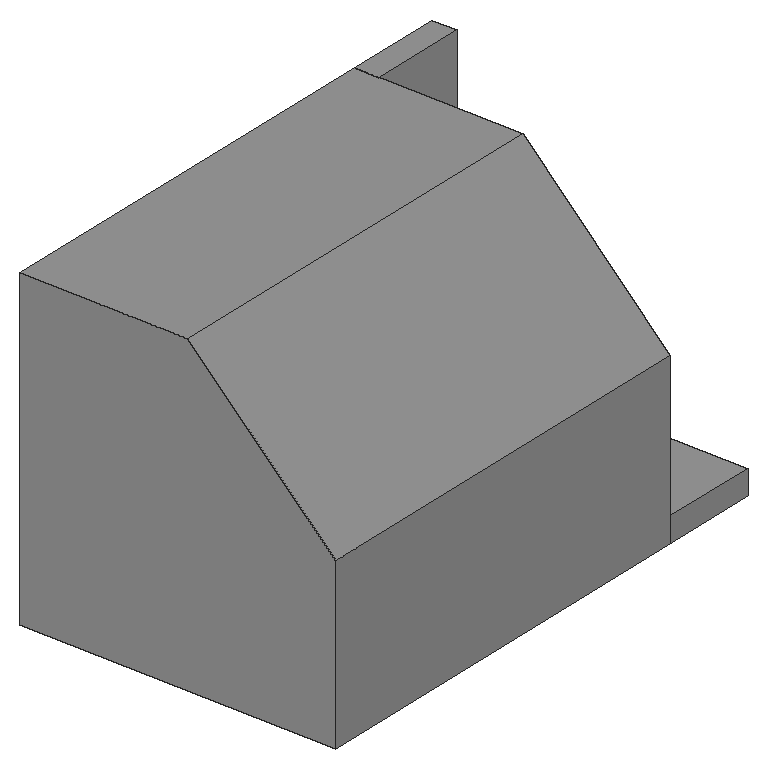
Revit family "Lavatory-Willoughby-CS-1036-46-R", category Plumbing Fixtures, Revit 2015
Parameters (values of type "Standard")
  Waste Connection = yes
  Vent Connection = no
  URL = "https://www.willoughby-ind.com/wp-content/uploads/2018/01/CS-1013-46-1.pdf"
  Revision = "A"
  Model = "CS-1036-46-R"
  Manufacturer = "Willoughby Industries"
  Lav Waste DIA = 1 1/2"
  HW Connection = no
  Fixture Body = Stainless Steel AISI 304-Willoughby
  Description = "13\" Wide Corner Lavatory, Right Hand"
  Default Elevation = 0' - 0"
  Contact = "(800) 428-4065"
  CW Connection = no
Reference planes (in)
  plane 1 "Center (Front/Back)": y = 0
  plane 2: z = 0
  plane 3 "Center (Left/Right)": x = 0
  plane 4 "Sink HGT": y = 34
  plane 5 "Top Of Unit": y = 38
  plane 6 "Bottom Of Unit": y = 16.75
  plane 7: x = -13
  plane 8: z = 7
  plane 9: z = 13
  plane 10: x = -6
  plane 11: y = 36
  plane 12 "LAV Drain": y = 25.75
Forms (in)
  Extrusion 1, solid, material "Stainless Steel AISI 304-Willoughby" <- "Fixture Body"
    sketch origin (0, 34, 0) x (-1, 0, 0) y (0, 0, 1)
      loop
        line (0, 0) -> (13, 0) -> (13, 13) -> (6.06373, 13) -> (0, 6.93627) -> (0, 0)
    from 0 to -17.25
  Extrusion 2, solid, material "Stainless Steel AISI 304-Willoughby" <- "Fixture Body"
    sketch origin (0, 38, 0) x (-1, 0, 0) y (0, 0, 1)
      loop
        line (0, 0) -> (13, 0) -> (13, 13) -> (12, 13) -> (12, 1) -> (0, 1) -> (0, 0)
    from 0 to -4
  Extrusion 3, void
    sketch origin (0, 34, 0) x (-1, 0, 0) y (0, 0, 1)
      loop
        line (5.8941, 11.76971) -> (1.24047, 7.11607)
        arc (1.24047, 7.11607) -> (1.10875, 6.91895) -> (1.0625, 6.68643) r 0.60761
        line (1.0625, 6.68643) -> (1.0625, 3.64996)
        arc (1.0625, 3.64996) -> (1.52746, 2.52746) -> (2.64996, 2.0625) r 1.58746
        line (2.64996, 2.0625) -> (7.50915, 2.0625)
        arc (7.50915, 2.0625) -> (7.53039, 2.06673) -> (7.5484, 2.07876) r 0.05551
        line (7.5484, 2.07876) -> (7.87505, 2.40541) -> (10.59459, 5.12495) -> (10.92205, 5.45241)
        arc (10.92205, 5.45241) -> (10.93349, 5.46952) -> (10.9375, 5.4897) r 0.05274
        line (10.9375, 5.4897) -> (10.9375, 10.1875)
        arc (10.9375, 10.1875) -> (10.42494, 11.42494) -> (9.1875, 11.9375) r 1.75
        line (9.1875, 11.9375) -> (6.29918, 11.9375)
        arc (6.29918, 11.9375) -> (6.07995, 11.89389) -> (5.8941, 11.76971) r 0.57288
    from 0 to -5
  Revolve 4, solid, material "Stainless Steel AISI 304-Willoughby" <- "Fixture Body"
    sketch origin (-12, 36, 48) x (-1, 0, 0) y (0, 0, 1)
      loop
        line (-6, -47) -> (-5.5, -47) -> (-5.5, -46.25)
        arc (-5.5, -46.25) -> (-5.70449, -46.02094) -> (-6, -45.9375) r 0.54904
        line (-6, -45.9375) -> (-6, -47)
      axis (-6, -45.9375) -> (-6, -47)
    angle from 0 to 360
  Revolve 5, solid
    sketch origin (0, 25.75, 0) x (-1, 0, 0) y (0, 0, 1)
      loop
        line (6, 0) -> (6.75, 0) -> (6.75, 1) -> (6, 1) -> (6, 0)
      axis (6, 1) -> (6, 0)
    angle from 0 to 360
  Extrusion 6, solid
    sketch origin (0, 0, 0) x (1, 0, 0) y (0, 1, 0)
      loop
        circle (-4, 36) r 0.5
      loop
        circle (-8, 36) r 0.5
    from 0.125 to 1.125
  Extrusion 7, solid
    sketch origin (-0.03125, 0, 0) x (1, 0, 0) y (0, 1, 0)
      loop
        circle (-8, 36) r 0.25
      loop
        circle (-4, 36) r 0.25
    from 0.125 to 1.375
Cuts and joins
  Extrusion 3 cuts Extrusion 1
Lines and regions (in)
  symbolic lines
    curve 1: line (-13, 16.75, 0) -> (-13, 34, 0)
    curve 2: line (-13, 34, 0) -> (0, 34, 0)
    curve 3: line (0, 34, 0) -> (0, 16.75, 0)
    curve 4: line (0, 16.75, 0) -> (-13, 16.75, 0)
    curve 11: line (-13, 25.75, 13) -> (-13, 25.75, 0)
    curve 12: line (-13, 25.75, 0) -> (0, 25.75, 0)
    curve 13: line (0, 25.75, 0) -> (0, 25.75, 6.93627)
    curve 14: line (0, 25.75, 6.93627) -> (-6.06373, 25.75, 13)
    curve 15: line (-6.06373, 25.75, 13) -> (-13, 25.75, 13)
    curve 30: arc (-6.5, 25.75, 1.75) -> (-6, 25.75, 2.0669) -> (-5.5, 25.75, 1.75) r 0.55289
    curve 31: line (-5.5, 25.75, 1.75) -> (-5.5, 25.75, 1)
    curve 32: line (-6.5, 25.75, 1) -> (-6.5, 25.75, 1.75)
    curve 33: line (0, 38, 0) -> (0, 16.75, 0)
    curve 34: line (0, 16.75, 0) -> (0, 16.75, 13)
    curve 35: line (0, 16.75, 13) -> (0, 38, 13)
    curve 36: line (0, 38, 13) -> (0, 38, 0)
  symbolic lines, detail levels medium+fine
    curve 5: line (-13, 34, 0) -> (-13, 38, 0)
    curve 6: line (-13, 38, 0) -> (-12, 38, 0)
    curve 7: line (-12, 38, 0) -> (-12, 34, 0)
    curve 8: line (-12, 38, 0) -> (0, 38, 0)
    curve 9: line (0, 38, 0) -> (0, 34, 0)
    curve 16: line (-12, 25.75, 13) -> (-12, 25.75, 1)
    curve 17: line (-12, 25.75, 1) -> (0, 25.75, 1)
    curve 37: line (0, 34, 13) -> (0, 34, 0)
    curve 39: line (0, 34, 6.93627) -> (0, 16.75, 6.93627)
  symbolic lines, detail levels fine
    curve 10: circle (-6, 36, 0) r 0.5 normal (0, 0, 1)
    curve 18: line (-1.24047, 25.75, 7.11607) -> (-5.8941, 25.75, 11.76971)
    curve 19: line (-6.29918, 25.75, 11.9375) -> (-9.1875, 25.75, 11.9375)
    curve 20: line (-10.9375, 25.75, 10.1875) -> (-10.9375, 25.75, 5.46786)
    curve 21: line (-10.9375, 25.75, 5.46786) -> (-7.53214, 25.75, 2.0625)
    curve 22: line (-7.53214, 25.75, 2.0625) -> (-2.64996, 25.75, 2.0625)
    curve 23: line (-1.0625, 25.75, 3.64996) -> (-1.0625, 25.75, 6.68643)
    curve 24: arc (-1.0625, 25.75, 6.68643) -> (-1.10875, 25.75, 6.91895) -> (-1.24047, 25.75, 7.11607) r 0.60761
    curve 25: arc (-2.64996, 25.75, 2.0625) -> (-1.52746, 25.75, 2.52746) -> (-1.0625, 25.75, 3.64996) r 1.58746
    curve 26: arc (-7.50915, 25.75, 2.0625) -> (-7.53039, 25.75, 2.06673) -> (-7.5484, 25.75, 2.07876) r 0.05551
    curve 27: arc (-10.92205, 25.75, 5.45241) -> (-10.93349, 25.75, 5.46952) -> (-10.9375, 25.75, 5.4897) r 0.05274
    curve 28: arc (-10.9375, 25.75, 10.1875) -> (-10.42494, 25.75, 11.42494) -> (-9.1875, 25.75, 11.9375) r 1.75
    curve 29: arc (-6.29918, 25.75, 11.9375) -> (-6.07995, 25.75, 11.89389) -> (-5.8941, 25.75, 11.76971) r 0.57288
    curve 38: line (0, 38, 1) -> (0, 34, 1)
    curve 40: line (0, 36.5, 1) -> (0, 36.5, 1.75)
    curve 41: line (0, 35.5, 1) -> (0, 35.5, 1.75)
    curve 42: arc (0, 35.5, 1.75) -> (0, 36, 2.06619) -> (0, 36.5, 1.75) r 0.55343
Dimensions and locks (in)
  plane 7 to plane 10 = 0' - 7"
  plane 4 "Sink HGT" to plane 6 "Bottom Of Unit" = 1' - 5 1/4"
  aligned and locked: plane 7 to Extrusion 2
  aligned and locked: plane 9 to Extrusion 2
  aligned and locked: Extrusion 2 to level
  aligned and locked: plane 3 "Center (Left/Right)" to Extrusion 2
  aligned and locked: plane 3 "Center (Left/Right)" to Extrusion 1
  aligned and locked: plane 9 to Extrusion 1
  aligned and locked: plane 7 to Extrusion 1
  aligned and locked: Extrusion 1 to level
  aligned and locked: Revolve 4 sketch curve to cut or joined group of Extrusion 1, Extrusion 3
  aligned and locked: Revolve 4 sketch curve to Revolve 4 sketch curve
  aligned and locked: Revolve 5 sketch curve to Revolve 5 sketch curve  (x2)
Connectors (in)
  piping at (-6, 25.75, 0), diameter 1.5, driven by "Lav Waste DIA", driven by "Waste Connection"
    settings: on Revolve 5, index 1, connector inside diameter 24", connector length 0' - 0", flow factor 0, pipe flow 0 GPM, pressure drop 0.00 psi, fitting loss kfactor 0, connector angle 0.00°, fixture units 0, engagement length 0' - 0", angle of deflection 0.00°, flow configuration 0, flow direction 2, fitting loss method 0, system type 16, joint type 0, gender type 0, connector reference index -1, connector utility 1, adjustable connector no, is connector primary yes, connector description "Sink Waste"
